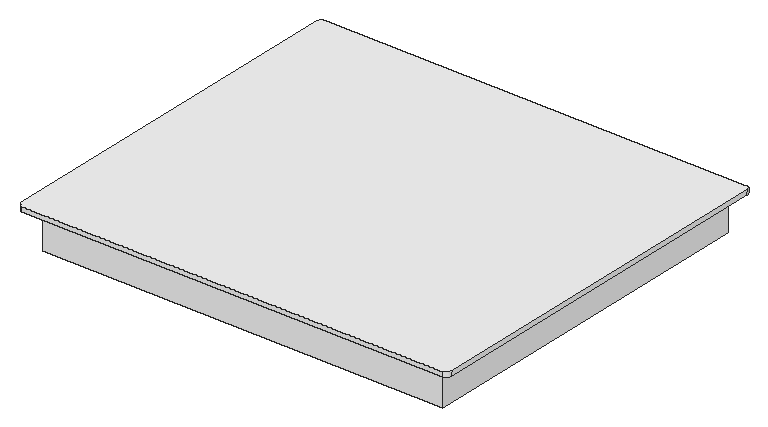
Revit family "Qf_Summit_SINC4B242W_24 inches 208-240V 4-Zone Induction Cooktop", category Specialty Equipment, Revit 2020
Family settings
  Round Connector Dimension = Use Diameter
  Part Type = Normal
  Work Plane-Based = No
  Always vertical = Yes
  Cut with Voids When Loaded = No
  Shared = No
  Room Calculation Point = No
Parameters
  Weight in Pounds = 25
  Watts = FL Amps * Volts  # 7200 W
  Volts = 240 V
  URL Cutsheet = ""
  Specification by User = ""
  Specification by Manufacturer = ""
  Show Clearance [instance] = yes
  Serial Number = ""
  Seismic Rating = ""
  SMACNA No = ""
  Revision Code = ""
  Phase = 1
  Number of Poles = 1
  NAFEM Spec ID Number = ""
  Model = "SINC4B242W"
  Min Ckt Ampacity = 0 A
  Max Overcurrent Protection = 0 A
  Masterspec = ""
  Manufacturer = "Summit"
  Length = 23 1/4"
  Item Number = ""
  Installed By = ""
  Identify Quantity as Lot = yes
  Height = 2"
  HP = ""
  Furnished By = ""
  Foodservice Equipment Identifier = yes
  FL Amps = 30 A
  Electrical Remarks = ""
  Electric Connection Type = ""
  Elec Conn RI Height = 0"
  Elec Conn Connection Height = 0"
  Description = "24\" Wide 208-240V 4-Zone Induction Cooktop"
  Depth = 20 1/2"
  Default Elevation = 0"
  Cycle = 60 Hz
  Conn Plug = ""
  Conn Conduit = yes
  CSI MasterFormat = ""
  Apparent Power = 828 VA
Reference planes (in)
  plane 1: z = 0
  plane 2 "LEFT": x = 0
  plane 3 "RIGHT": x = 23.25
  plane 4 "FRONT": y = -21.25
  plane 5 "TOP": z = 2
  plane 6 "Center Y": x = 11.625
  plane 7 "Center X": y = -11
  plane 8 "BACK": y = -0.75
  plane 9: z = 2.25
  plane 10: x = 22.4375
  plane 11: x = 0.8125
  plane 12: y = -1.3125
  plane 13: y = -20.5625
Forms (in)
  Extrusion 1, solid, material "QF_Plastic_White_Smooth"
    sketch origin (0, 0, 0) x (1, 0, 0) y (0, 1, 0)
      loop
        line (0, -1) -> (0, -20.9375)
        arc (0, -20.9375) -> (0.06782, -21.13949) -> (0.25, -21.25) r 0.31002
        line (0.25, -21.25) -> (23, -21.25)
        arc (23, -21.25) -> (23.18218, -21.13949) -> (23.25, -20.9375) r 0.31002
        line (23.25, -20.9375) -> (23.25, -1)
        arc (23.25, -1) -> (23.17678, -0.82322) -> (23, -0.75) r 0.25
        line (23, -0.75) -> (0.25, -0.75)
        arc (0.25, -0.75) -> (0.07322, -0.82322) -> (0, -1) r 0.25
    from 2 to 2.25
  Extrusion 2, solid, material "QF_Plastic_White_Smooth"
    sketch origin (0, 0, 0) x (1, 0, 0) y (0, 1, 0)
      loop
        line (0.8125, -20.5625) -> (22.4375, -20.5625) -> (22.4375, -1.3125) -> (0.8125, -1.3125) -> (0.8125, -20.5625)
    from 0 to 2
  Extrusion 3, solid, material "QF_Plastic_White_Smooth"
    sketch origin (1.75, -19.5, 18.75) x (1, 0, 0) y (0, 0, 1)
      loop
        circle (9.875, -17.80912) r 0.25
    from -18.75 to -18.1875
Cuts and joins
  joined: Extrusion 2, Extrusion 3
Lines and regions (in)
  Split face 1
    outline origin (0, 0, 2.25) x (1, 0, 0) y (0, 1, 0)
      loop
        circle (6, -13.75) r 4.125
  Split face 2
    outline origin (0, 8.125, 2.25) x (1, 0, 0) y (0, 1, 0)
      loop
        circle (6, -13.375) r 3.125
  Split face 3
    outline origin (0, 0, 2.25) x (1, 0, 0) y (0, 1, 0)
      loop
        arc (1.46084, -1.96656) -> (1.33611, -1.99586) -> (1.21257, -2.02981) r 3.41796
        line (1.21257, -2.02981) -> (1.21257, -2.25177)
        arc (1.21257, -2.25177) -> (1.29303, -2.28553) -> (1.37512, -2.31512) r 1.69989
        arc (1.37512, -2.31512) -> (1.29445, -2.31552) -> (1.21378, -2.31581) r 56.83919
        arc (1.21378, -2.31581) -> (1.21298, -2.38844) -> (1.21297, -2.46107) r 6.69198
        arc (1.21297, -2.46107) -> (1.33682, -2.46166) -> (1.46067, -2.46155) r 22.00507
        arc (1.46067, -2.46155) -> (1.46144, -2.31385) -> (1.46184, -2.16615) r 57.82097
        arc (1.46184, -2.16615) -> (1.38954, -2.16643) -> (1.31724, -2.16748) r 6.80227
        line (1.31724, -2.16748) -> (1.4612, -2.10932)
        arc (1.4612, -2.10932) -> (1.46177, -2.03794) -> (1.46084, -1.96656) r 3.38174
  Split face 4
    outline origin (0.32748, 0.08775, 2.25) x (1, 0, 0) y (0, 1, 0)
      loop
        arc (1.18846, -2.04192) -> (1.18798, -2.29547) -> (1.18731, -2.54902) r 348.03451
        arc (1.18731, -2.54902) -> (1.32534, -2.54998) -> (1.46337, -2.54969) r 15.27091
        line (1.46337, -2.54969) -> (1.4658, -1.97067)
        arc (1.4658, -1.97067) -> (1.40547, -1.98584) -> (1.34531, -2.00167) r 5.81974
        arc (1.34531, -2.00167) -> (1.34563, -2.18382) -> (1.34526, -2.36597) r 48.29112
        arc (1.34526, -2.36597) -> (1.34708, -2.40344) -> (1.32634, -2.43471) r 0.06019
        arc (1.32634, -2.43471) -> (1.30541, -2.40243) -> (1.30885, -2.36411) r 0.05895
        arc (1.30885, -2.36411) -> (1.30626, -2.18761) -> (1.30626, -2.01109) r 11.96546
        arc (1.30626, -2.01109) -> (1.24733, -2.0264) -> (1.18846, -2.04192) r 17.52104
  Split face 5
    outline origin (0.77528, 0.1994, 2.25) x (1, 0, 0) y (0, 1, 0)
      loop
        arc (1.18833, -2.04142) -> (1.13036, -2.0563) -> (1.0723, -2.0708) r 9.01053
        line (1.0723, -2.0708) -> (1.0723, -2.66096) -> (1.17974, -2.66061)
        arc (1.17974, -2.66061) -> (1.17837, -2.58629) -> (1.18321, -2.51211) r 0.88988
        arc (1.18321, -2.51211) -> (1.21323, -2.58427) -> (1.2259, -2.6614) r 0.33829
        arc (1.2259, -2.6614) -> (1.26284, -2.66122) -> (1.29978, -2.66138) r 4.02643
        arc (1.29978, -2.66138) -> (1.3167, -2.56853) -> (1.33483, -2.47591) r 7.17478
        arc (1.33483, -2.47591) -> (1.33803, -2.45649) -> (1.34895, -2.44012) r 0.04662
        arc (1.34895, -2.44012) -> (1.35578, -2.46102) -> (1.35556, -2.48302) r 0.06776
        arc (1.35556, -2.48302) -> (1.35457, -2.57198) -> (1.35415, -2.66094) r 13.87596
        arc (1.35415, -2.66094) -> (1.41012, -2.66109) -> (1.46608, -2.66099) r 12.38941
        line (1.46608, -2.66099) -> (1.46564, -1.97015)
        arc (1.46564, -1.97015) -> (1.40477, -1.98627) -> (1.34356, -2.00105) r 2.87858
        arc (1.34356, -2.00105) -> (1.31608, -2.16273) -> (1.28697, -2.32414) r 16.38927
        arc (1.28697, -2.32414) -> (1.28342, -2.33945) -> (1.27247, -2.35072) r 0.02931
        arc (1.27247, -2.35072) -> (1.25583, -2.32192) -> (1.2494, -2.28929) r 0.10139
        arc (1.2494, -2.28929) -> (1.21856, -2.16543) -> (1.18833, -2.04142) r 25.67724
  Split face 6
    outline origin (1.48385, 0.14123, 2.25) x (1, 0, 0) y (0, 1, 0)
      loop
        line (1.2612, -2.08344) -> (1.2612, -2.60308)
        arc (1.2612, -2.60308) -> (1.32479, -2.60343) -> (1.38839, -2.60265) r 3.58564
        arc (1.38839, -2.60265) -> (1.38863, -2.33138) -> (1.38903, -2.06011) r 432.84498
        arc (1.38903, -2.06011) -> (1.32546, -2.04385) -> (1.26173, -2.02822) r 6.58774
        arc (1.26173, -2.02822) -> (1.26137, -2.05583) -> (1.2612, -2.08344) r 4.03767
  Split face 7
    outline origin (2.02093, 0.14123, 2.25) x (1, 0, 0) y (0, 1, 0)
      loop
        arc (0.90317, -2.07431) -> (0.90314, -2.14037) -> (0.90316, -2.20643) r 108.79921
        line (0.90316, -2.20643) -> (1.02491, -2.23791) -> (1.02559, -2.603) -> (1.15226, -2.60321) -> (1.15226, -2.43703) -> (1.15226, -2.27084) -> (1.27836, -2.30322)
        arc (1.27836, -2.30322) -> (1.2783, -2.23759) -> (1.27838, -2.17195) r 28.91032
        arc (1.27838, -2.17195) -> (1.0906, -2.1238) -> (0.90317, -2.07431) r 27.07386
  Split face 8
    outline origin (0, 0, 2.25) x (1, 0, 0) y (0, 1, 0)
      loop
        circle (6, -5.25) r 3.07495
  Split face 9
    outline origin (-11.5, -7.46819, 2.25) x (1, 0, 0) y (0, 1, 0)
      loop
        circle (17.5, -6.25) r 3.8775
  Split face 10
    outline origin (0, 0, 2.25) x (1, 0, 0) y (0, 1, 0)
      loop
        circle (6, -5.25) r 2.9375
  Split face 11
    outline origin (0, 0, 2.25) x (1, 0, 0) y (0, 1, 0)
      loop
        circle (6, -5.25) r 2.88432
  Split face 12
    outline origin (-11.5, -7.5, 2.25) x (1, 0, 0) y (0, 1, 0)
      loop
        circle (17.5, -6.25) r 4.07036
  Split face 13
    outline origin (-11.5, -7.5, 2.25) x (1, 0, 0) y (0, 1, 0)
      loop
        circle (17.5, -6.25) r 3.81335
  Split face 14
    outline origin (4.61547, 0.7607, 2.25) x (1, 0, 0) y (0, 1, 0)
      loop
        circle (7.5, -19.75) r 0.375
  Split face 15
    outline origin (7.25, 0, 2.25) x (1, 0, 0) y (0, 1, 0)
      loop
        circle (7.5, -19.75) r 0.375
  Split face 16
    outline origin (8.25, 0, 2.25) x (1, 0, 0) y (0, 1, 0)
      loop
        circle (7.5, -19.75) r 0.375
  Split face 17
    outline origin (9.15298, 0, 2.25) x (1, 0, 0) y (0, 1, 0)
      loop
        circle (6.59702, -19.75) r 0.21256
  Split face 18
    outline origin (8.15298, 0, 2.25) x (1, 0, 0) y (0, 1, 0)
      loop
        circle (6.59702, -19.75) r 0.34194
  Split face 19
    outline origin (17.42696, 1.0067, 2.25) x (0, 1, 0) y (-1, 0, 0)
      loop
        circle (-19.85939, 5.45621) r 0.14044
  Split face 20
    outline origin (15.32497, 0.53848, 2.25) x (0, 1, 0) y (-1, 0, 0)
      loop
        line (-20.35095, 5.6138) -> (-20.53848, 5.61575) -> (-20.53848, 1.61575) -> (-20.16348, 1.61575) -> (-20.35095, 5.6138)
  Split face 21
    outline origin (16.78754, 1.0067, 2.25) x (0, 1, 0) y (-1, 0, 0)
      loop
        circle (-19.85987, 4.81773) r 0.13153
  Split face 22
    outline origin (17.04285, 1.28577, 2.25) x (0, 1, 0) y (-1, 0, 0)
      loop
        circle (-20.27405, 4.92738) r 0.36076
  Split face 23
    outline origin (8.10819, 0.8548, 2.25) x (1, 0, 0) y (0, 1, 0)
      loop
        circle (6.64074, -20.60504) r 0.33037
  Split face 24
    outline origin (7.38715, 1.25448, 2.25) x (1, 0, 0) y (0, 1, 0)
      loop
        circle (7.36178, -21.00472) r 0.36442
  Split face 25
    outline origin (9.10819, 0.8548, 2.25) x (1, 0, 0) y (0, 1, 0)
      loop
        circle (6.64074, -20.60504) r 0.23196
  Split face 26
    outline origin (8.38715, 1.25448, 2.25) x (1, 0, 0) y (0, 1, 0)
      loop
        circle (7.36178, -21.00472) r 0.36024
  Split face 27
    outline origin (1, 0, 2.25) x (1, 0, 0) y (0, 1, 0)
      loop
        circle (7.5, -19.75) r 0.375
  Split face 28
    outline origin (1.90298, 0, 2.25) x (1, 0, 0) y (0, 1, 0)
      loop
        circle (6.59702, -19.75) r 0.34194
  Split face 29
    outline origin (1.85819, 0.8548, 2.25) x (1, 0, 0) y (0, 1, 0)
      loop
        circle (6.64074, -20.60504) r 0.33037
  Split face 30
    outline origin (1.13715, 1.25448, 2.25) x (1, 0, 0) y (0, 1, 0)
      loop
        circle (7.36178, -21.00472) r 0.36442
  Split face 31
    outline origin (0, 0, 2.25) x (1, 0, 0) y (0, 1, 0)
      loop
        circle (7.5, -19.75) r 0.375
  Split face 32
    outline origin (0.90298, 0, 2.25) x (1, 0, 0) y (0, 1, 0)
      loop
        circle (6.59702, -19.75) r 0.34194
  Split face 33
    outline origin (0.85819, 0.8548, 2.25) x (1, 0, 0) y (0, 1, 0)
      loop
        circle (6.64074, -20.60504) r 0.33037
  Split face 34
    outline origin (0.13715, 1.25448, 2.25) x (1, 0, 0) y (0, 1, 0)
      loop
        circle (7.36178, -21.00472) r 0.36442
  Split face 35
    outline origin (4.61547, 1.7607, 2.25) x (1, 0, 0) y (0, 1, 0)
      loop
        circle (7.5, -19.75) r 0.375
  Split face 36
    outline origin (17.42696, 2.0067, 2.25) x (0, 1, 0) y (-1, 0, 0)
      loop
        circle (-19.85939, 5.45621) r 0.14044
  Split face 37
    outline origin (16.78754, 2.0067, 2.25) x (0, 1, 0) y (-1, 0, 0)
      loop
        circle (-19.85987, 4.81773) r 0.13153
  Split face 38
    outline origin (17.04285, 2.28577, 2.25) x (0, 1, 0) y (-1, 0, 0)
      loop
        circle (-20.27405, 4.92738) r 0.36076
  Split face 39
    outline origin (0, 0, 2.25) x (1, 0, 0) y (0, 1, 0)
      loop
        arc (2.50599, -2.15847) -> (2.48639, -2.13546) -> (2.49149, -2.10566) r 0.03566
        arc (2.49149, -2.10566) -> (2.46294, -1.9539) -> (2.43588, -1.80187) r 15.64881
        arc (2.43588, -1.80187) -> (2.37418, -1.78699) -> (2.31283, -1.77076) r 2.87858
        line (2.31283, -1.77076) -> (2.31239, -2.46159)
        arc (2.31239, -2.46159) -> (2.36835, -2.4617) -> (2.42431, -2.46154) r 12.38941
        arc (2.42431, -2.46154) -> (2.4239, -2.37258) -> (2.42291, -2.28362) r 13.87596
        arc (2.42291, -2.28362) -> (2.42269, -2.26163) -> (2.42952, -2.24072) r 0.06776
        arc (2.42952, -2.24072) -> (2.44044, -2.25709) -> (2.44364, -2.27651) r 0.04662
        arc (2.44364, -2.27651) -> (2.46177, -2.36913) -> (2.47868, -2.46198) r 7.17478
        arc (2.47868, -2.46198) -> (2.51563, -2.46182) -> (2.55257, -2.462) r 4.02643
        arc (2.55257, -2.462) -> (2.56523, -2.38488) -> (2.59526, -2.31271) r 0.33829
        arc (2.59526, -2.31271) -> (2.6001, -2.38689) -> (2.59873, -2.46121) r 0.88988
        line (2.59873, -2.46121) -> (2.70617, -2.46156) -> (2.70617, -1.8714)
        arc (2.70617, -1.8714) -> (2.65053, -1.85752) -> (2.59497, -1.84328) r 9.01053
        arc (2.59497, -1.84328) -> (2.56239, -1.98083) -> (2.52906, -2.1182) r 26.41193
        arc (2.52906, -2.1182) -> (2.51976, -2.13961) -> (2.50599, -2.15847) r 0.10607
  Split face 40
    outline origin (11.5, 7.46819, 2.25) x (1, 0, 0) y (0, 1, 0)
      loop
        circle (6.75, -13.75) r 4.125
  Split face 41
    outline origin (11.5, -1.375, 2.25) x (1, 0, 0) y (0, 1, 0)
      loop
        circle (6.75, -13.375) r 3.125
  Split face 42
    outline origin (11.5, -9.5, 2.25) x (1, 0, 0) y (0, 1, 0)
      loop
        circle (6.75, -5.25) r 2.88432
  Split face 43
    outline origin (0, 0, 2.25) x (1, 0, 0) y (0, 1, 0)
      loop
        circle (18.25, -6.25) r 4.07036
  Split face 44
    outline origin (11.5, -9.5, 2.25) x (1, 0, 0) y (0, 1, 0)
      loop
        circle (6.75, -5.25) r 3.07495
  Split face 45
    outline origin (11.5, -9.5, 2.25) x (1, 0, 0) y (0, 1, 0)
      loop
        circle (6.75, -5.25) r 2.9375
  Split face 46
    outline origin (0, 0, 2.25) x (1, 0, 0) y (0, 1, 0)
      loop
        circle (18.25, -6.25) r 3.81335
  Split face 47
    outline origin (0, 0.03181, 2.25) x (1, 0, 0) y (0, 1, 0)
      loop
        circle (18.25, -6.25) r 3.8775
  Split face 48
    outline origin (3.74359, 0.7607, 2.25) x (1, 0, 0) y (0, 1, 0)
      loop
        circle (7.5, -19.75) r 0.375
  Split face 49
    outline origin (16.55508, 1.0067, 2.25) x (0, 1, 0) y (-1, 0, 0)
      loop
        circle (-19.85939, 5.45621) r 0.14044
  Split face 50
    outline origin (15.91566, 1.0067, 2.25) x (0, 1, 0) y (-1, 0, 0)
      loop
        circle (-19.85987, 4.81773) r 0.13153
  Split face 51
    outline origin (16.17097, 1.28577, 2.25) x (0, 1, 0) y (-1, 0, 0)
      loop
        circle (-20.27405, 4.92738) r 0.36076
  Split face 52
    outline origin (3.74359, 1.7607, 2.25) x (1, 0, 0) y (0, 1, 0)
      loop
        circle (7.5, -19.75) r 0.375
  Split face 53
    outline origin (16.55508, 2.0067, 2.25) x (0, 1, 0) y (-1, 0, 0)
      loop
        circle (-19.85939, 5.45621) r 0.14044
  Split face 54
    outline origin (15.91566, 2.0067, 2.25) x (0, 1, 0) y (-1, 0, 0)
      loop
        circle (-19.85987, 4.81773) r 0.13153
  Split face 55
    outline origin (16.17097, 2.28577, 2.25) x (0, 1, 0) y (-1, 0, 0)
      loop
        circle (-20.27405, 4.92738) r 0.36076
  symbolic lines
    curve 1: line (23, -0.75, 0) -> (0.25, -0.75, 0)
    curve 2: arc (0.25, -0.75, 0) -> (0.07322, -0.82322, 0) -> (0, -1, 0) r 0.25
    curve 3: line (0, -1, 0) -> (0, -20.9375, 0)
    curve 4: line (0.25, -21.25, 0) -> (23, -21.25, 0)
    curve 5: arc (23, -21.25, 0) -> (23.18218, -21.13949, 0) -> (23.25, -20.9375, 0) r 0.31002
    curve 6: line (23.25, -20.9375, 0) -> (23.25, -1, 0)
    curve 7: arc (1.37512, -2.31512, 0) -> (1.29445, -2.31552, 0) -> (1.21378, -2.31581, 0) r 56.83919
    curve 8: arc (1.21378, -2.31581, 0) -> (1.21298, -2.38844, 0) -> (1.21297, -2.46107, 0) r 6.69198
    curve 9: arc (1.21297, -2.46107, 0) -> (1.33682, -2.46166, 0) -> (1.46067, -2.46155, 0) r 22.00507
    curve 10: arc (1.46067, -2.46155, 0) -> (1.46144, -2.31385, 0) -> (1.46184, -2.16615, 0) r 57.82097
    curve 11: arc (1.46184, -2.16615, 0) -> (1.38954, -2.16643, 0) -> (1.31724, -2.16748, 0) r 6.80227
    curve 12: line (1.31724, -2.16748, 0) -> (1.4612, -2.10932, 0)
    curve 13: arc (1.4612, -2.10932, 0) -> (1.46177, -2.03794, 0) -> (1.46084, -1.96656, 0) r 3.38174
    curve 14: arc (1.46084, -1.96656, 0) -> (1.33611, -1.99586, 0) -> (1.21257, -2.02981, 0) r 3.41796
    curve 15: line (1.21257, -2.02981, 0) -> (1.21257, -2.25177, 0)
    curve 16: arc (1.21257, -2.25177, 0) -> (1.29303, -2.28553, 0) -> (1.37512, -2.31512, 0) r 1.69989
    curve 17: arc (1.51594, -1.95417, 0) -> (1.51546, -2.20772, 0) -> (1.51479, -2.46127, 0) r 348.03451
    curve 18: arc (1.51479, -2.46127, 0) -> (1.65282, -2.46223, 0) -> (1.79085, -2.46194, 0) r 15.27091
    curve 19: line (1.79085, -2.46194, 0) -> (1.79328, -1.88292, 0)
    curve 20: arc (1.79328, -1.88292, 0) -> (1.73297, -1.89809, 0) -> (1.67283, -1.91391, 0) r 5.81974
    curve 21: arc (1.67283, -1.91391, 0) -> (1.67315, -2.1005, 0) -> (1.67274, -2.2871, 0) r 48.29115
    curve 22: arc (1.67274, -2.2871, 0) -> (1.67117, -2.31801, 0) -> (1.65382, -2.34364, 0) r 0.05762
    curve 23: arc (1.65382, -2.34364, 0) -> (1.63599, -2.31628, 0) -> (1.63633, -2.28362, 0) r 0.05637
    curve 24: arc (1.63633, -2.28362, 0) -> (1.63376, -2.10349, 0) -> (1.63374, -1.92334, 0) r 12.71544
    curve 25: arc (1.63374, -1.92334, 0) -> (1.57481, -1.93866, 0) -> (1.51594, -1.95417, 0) r 17.52104
    curve 26: line (1.84758, -1.8714, 0) -> (1.84758, -2.46156, 0)
    curve 27: line (1.84758, -2.46156, 0) -> (1.95502, -2.46121, 0)
    curve 28: arc (1.95502, -2.46121, 0) -> (1.95365, -2.38689, 0) -> (1.95849, -2.31271, 0) r 0.88988
    curve 29: arc (1.95849, -2.31271, 0) -> (1.98852, -2.38488, 0) -> (2.00118, -2.462, 0) r 0.33829
    curve 30: arc (2.00118, -2.462, 0) -> (2.03812, -2.46182, 0) -> (2.07507, -2.46198, 0) r 4.02643
    curve 31: arc (2.07507, -2.46198, 0) -> (2.09198, -2.36913, 0) -> (2.11011, -2.27651, 0) r 7.17478
    curve 32: arc (2.11011, -2.27651, 0) -> (2.11331, -2.25709, 0) -> (2.12423, -2.24072, 0) r 0.04662
    curve 33: arc (2.12423, -2.24072, 0) -> (2.13106, -2.26163, 0) -> (2.13084, -2.28362, 0) r 0.06776
    curve 34: arc (2.13084, -2.28362, 0) -> (2.12985, -2.37258, 0) -> (2.12944, -2.46154, 0) r 13.87596
    curve 35: arc (2.12944, -2.46154, 0) -> (2.1854, -2.4617, 0) -> (2.24136, -2.46159, 0) r 12.38941
    curve 36: line (2.24136, -2.46159, 0) -> (2.24092, -1.77076, 0)
    curve 37: arc (2.24092, -1.77076, 0) -> (2.18005, -1.78687, 0) -> (2.11884, -1.80165, 0) r 2.87858
    curve 38: arc (2.11884, -1.80165, 0) -> (2.09136, -1.96334, 0) -> (2.06226, -2.12474, 0) r 16.38927
    curve 39: arc (2.06226, -2.12474, 0) -> (2.05871, -2.14005, 0) -> (2.04776, -2.15132, 0) r 0.02931
    curve 40: arc (2.04776, -2.15132, 0) -> (2.03111, -2.12252, 0) -> (2.02469, -2.08989, 0) r 0.10139
    curve 41: arc (2.02469, -2.08989, 0) -> (1.99384, -1.96603, 0) -> (1.96361, -1.84202, 0) r 25.67724
    curve 42: arc (1.96361, -1.84202, 0) -> (1.90565, -1.8569, 0) -> (1.84758, -1.8714, 0) r 9.01053
    curve 43: line (2.74505, -1.94221, 0) -> (2.74505, -2.46185, 0)
    curve 44: arc (2.74505, -2.46185, 0) -> (2.80864, -2.46219, 0) -> (2.87224, -2.46142, 0) r 3.58564
    curve 45: arc (2.87224, -2.46142, 0) -> (2.87248, -2.19014, 0) -> (2.87289, -1.91887, 0) r 432.84498
    curve 46: arc (2.87289, -1.91887, 0) -> (2.80931, -1.90261, 0) -> (2.74558, -1.88699, 0) r 6.58774
    curve 47: arc (2.74558, -1.88699, 0) -> (2.74522, -1.9146, 0) -> (2.74505, -1.94221, 0) r 4.03767
    curve 48: line (3.04651, -2.46177, 0) -> (3.04584, -2.09667, 0)
    curve 49: line (3.04584, -2.09667, 0) -> (2.92408, -2.06519, 0)
    curve 50: arc (2.92408, -2.06519, 0) -> (2.92407, -1.99914, 0) -> (2.9241, -1.93308, 0) r 108.79921
    curve 51: arc (2.9241, -1.93308, 0) -> (3.11153, -1.98257, 0) -> (3.29931, -2.03072, 0) r 27.07386
    curve 52: arc (3.29931, -2.03072, 0) -> (3.29922, -2.09635, 0) -> (3.29929, -2.16199, 0) r 28.91032
    curve 53: line (3.29929, -2.16199, 0) -> (3.17319, -2.12961, 0)
    curve 54: line (3.17319, -2.12961, 0) -> (3.17319, -2.29579, 0)
    curve 55: line (3.17319, -2.29579, 0) -> (3.17319, -2.46198, 0)
    curve 56: line (3.17319, -2.46198, 0) -> (3.04651, -2.46177, 0)
    curve 57: line (2.70617, -1.8714, 0) -> (2.70617, -2.46156, 0)
    curve 58: line (2.70617, -2.46156, 0) -> (2.59873, -2.46121, 0)
    curve 59: arc (2.59873, -2.46121, 0) -> (2.6001, -2.38689, 0) -> (2.59526, -2.31271, 0) r 0.88988
    curve 60: arc (2.59526, -2.31271, 0) -> (2.56523, -2.38488, 0) -> (2.55257, -2.462, 0) r 0.33829
    curve 61: arc (2.55257, -2.462, 0) -> (2.51563, -2.46182, 0) -> (2.47868, -2.46198, 0) r 4.02643
    curve 62: arc (2.47868, -2.46198, 0) -> (2.46177, -2.36913, 0) -> (2.44364, -2.27651, 0) r 7.17478
    curve 63: arc (2.44364, -2.27651, 0) -> (2.44044, -2.25709, 0) -> (2.42952, -2.24072, 0) r 0.04662
    curve 64: arc (2.42952, -2.24072, 0) -> (2.42267, -2.26174, 0) -> (2.42295, -2.28385, 0) r 0.06776
    curve 65: arc (2.42295, -2.28385, 0) -> (2.42391, -2.37269, 0) -> (2.42431, -2.46154, 0) r 14.25096
    curve 66: arc (2.42431, -2.46154, 0) -> (2.36835, -2.4617, 0) -> (2.31239, -2.46159, 0) r 12.38941
    curve 67: line (2.31239, -2.46159, 0) -> (2.31283, -1.77076, 0)
    curve 68: arc (2.31283, -1.77076, 0) -> (2.37418, -1.78699, 0) -> (2.43588, -1.80187, 0) r 2.87858
    curve 69: arc (2.43588, -1.80187, 0) -> (2.4629, -1.96091, 0) -> (2.49149, -2.11967, 0) r 16.38835
    curve 70: arc (2.49149, -2.11967, 0) -> (2.49343, -2.13825, 0) -> (2.50599, -2.15207, 0) r 0.02996
    curve 71: arc (2.50599, -2.15207, 0) -> (2.52163, -2.12636, 0) -> (2.52906, -2.09719, 0) r 0.10187
    curve 72: arc (2.52906, -2.09719, 0) -> (2.55992, -1.96968, 0) -> (2.59014, -1.84202, 0) r 26.40693
    curve 73: arc (2.59014, -1.84202, 0) -> (2.6481, -1.8569, 0) -> (2.70617, -1.8714, 0) r 9.01053
    curve 74: arc (8.9375, -5.25, 0) -> (6, -2.3125, 0) -> (3.0625, -5.25, 0) r 2.9375
    curve 75: arc (3.0625, -5.25, 0) -> (6, -8.1875, 0) -> (8.9375, -5.25, 0) r 2.9375
    curve 76: arc (8.88432, -5.25, 0) -> (6, -2.36568, 0) -> (3.11568, -5.25, 0) r 2.88432
    curve 77: arc (3.11568, -5.25, 0) -> (6, -8.13432, 0) -> (8.88432, -5.25, 0) r 2.88432
    curve 78: arc (9.125, -5.25, 0) -> (6, -2.125, 0) -> (2.875, -5.25, 0) r 3.125
    curve 79: arc (2.875, -5.25, 0) -> (6, -8.375, 0) -> (9.125, -5.25, 0) r 3.125
    curve 80: arc (9.07495, -5.25, 0) -> (6, -2.17505, 0) -> (2.92505, -5.25, 0) r 3.07495
    curve 81: arc (2.92505, -5.25, 0) -> (6, -8.32495, 0) -> (9.07495, -5.25, 0) r 3.07495
    curve 82: arc (9.81335, -13.75, 0) -> (6, -9.93665, 0) -> (2.18665, -13.75, 0) r 3.81335
    curve 83: arc (2.18665, -13.75, 0) -> (6, -17.56335, 0) -> (9.81335, -13.75, 0) r 3.81335
    curve 84: arc (9.8775, -13.71819, 0) -> (6, -17.59569, 0) -> (2.1225, -13.71819, 0) r 3.8775
    curve 85: arc (2.1225, -13.71819, 0) -> (6, -9.84069, 0) -> (9.8775, -13.71819, 0) r 3.8775
    curve 86: arc (1.875, -13.75, 0) -> (6, -17.875, 0) -> (10.125, -13.75, 0) r 4.125
    curve 87: arc (10.125, -13.75, 0) -> (6, -9.625, 0) -> (1.875, -13.75, 0) r 4.125
    curve 88: arc (1.92964, -13.75, 0) -> (6, -17.82036, 0) -> (10.07036, -13.75, 0) r 4.07036
    curve 89: arc (10.07036, -13.75, 0) -> (6, -9.67964, 0) -> (1.92964, -13.75, 0) r 4.07036
    curve 90: line (9.71117, -19.81247, 0) -> (13.70922, -19.625, 0)
    curve 91: line (13.70922, -19.625, 0) -> (13.70922, -20, 0)
    curve 92: line (13.70922, -20, 0) -> (9.70922, -20, 0)
    curve 93: line (9.70922, -20, 0) -> (9.71117, -19.81247, 0)
    curve 94: arc (7.86334, -19.75024, 0) -> (7.49893, -19.38582, 0) -> (7.13451, -19.75024, 0) r 0.36442
    curve 95: arc (7.13451, -19.75024, 0) -> (7.49893, -20.11466, 0) -> (7.86334, -19.75024, 0) r 0.36442
    curve 96: arc (7.15806, -19.75, 0) -> (7.5, -19.40806, 0) -> (7.84194, -19.75, 0) r 0.34194
    curve 97: arc (7.84194, -19.75, 0) -> (7.5, -20.09194, 0) -> (7.15806, -19.75, 0) r 0.34194
    curve 98: arc (7.8293, -19.75024, 0) -> (7.49893, -19.41987, 0) -> (7.16856, -19.75024, 0) r 0.33037
    curve 99: arc (7.16856, -19.75024, 0) -> (7.49893, -20.08061, 0) -> (7.8293, -19.75024, 0) r 0.33037
    curve 100: arc (7.125, -19.75, 0) -> (7.5, -19.375, 0) -> (7.875, -19.75, 0) r 0.375
    curve 101: arc (7.875, -19.75, 0) -> (7.5, -20.125, 0) -> (7.125, -19.75, 0) r 0.375
    curve 102: arc (8.125, -19.75, 0) -> (8.5, -19.375, 0) -> (8.875, -19.75, 0) r 0.375
    curve 103: arc (8.875, -19.75, 0) -> (8.5, -20.125, 0) -> (8.125, -19.75, 0) r 0.375
    curve 104: arc (8.86334, -19.75024, 0) -> (8.49893, -19.38582, 0) -> (8.13451, -19.75024, 0) r 0.36442
    curve 105: arc (8.13451, -19.75024, 0) -> (8.49893, -20.11466, 0) -> (8.86334, -19.75024, 0) r 0.36442
    curve 106: arc (8.84194, -19.75, 0) -> (8.5, -19.40806, 0) -> (8.15806, -19.75, 0) r 0.34194
    curve 107: arc (8.15806, -19.75, 0) -> (8.5, -20.09194, 0) -> (8.84194, -19.75, 0) r 0.34194
    curve 108: arc (8.8293, -19.75024, 0) -> (8.49893, -19.41987, 0) -> (8.16856, -19.75024, 0) r 0.33037
    curve 109: arc (8.16856, -19.75024, 0) -> (8.49893, -20.08061, 0) -> (8.8293, -19.75024, 0) r 0.33037
    curve 110: arc (23.25, -1, 0) -> (23.17678, -0.82322, 0) -> (23, -0.75, 0) r 0.25
    curve 111: arc (22.32036, -6.25, 0) -> (18.25, -2.17964, 0) -> (14.17964, -6.25, 0) r 4.07036
    curve 112: arc (14.17964, -6.25, 0) -> (18.25, -10.32036, 0) -> (22.32036, -6.25, 0) r 4.07036
    curve 113: arc (14.125, -6.28181, 0) -> (18.25, -2.15681, 0) -> (22.375, -6.28181, 0) r 4.125
    curve 114: arc (22.375, -6.28181, 0) -> (18.25, -10.40681, 0) -> (14.125, -6.28181, 0) r 4.125
    curve 115: arc (22.1275, -6.21819, 0) -> (18.25, -2.34069, 0) -> (14.3725, -6.21819, 0) r 3.8775
    curve 116: arc (14.3725, -6.21819, 0) -> (18.25, -10.09569, 0) -> (22.1275, -6.21819, 0) r 3.8775
    curve 117: arc (14.43665, -6.25, 0) -> (18.25, -10.06335, 0) -> (22.06335, -6.25, 0) r 3.81335
    curve 118: arc (22.06335, -6.25, 0) -> (18.25, -2.43665, 0) -> (14.43665, -6.25, 0) r 3.81335
    curve 119: arc (21.375, -14.75, 0) -> (18.25, -11.625, 0) -> (15.125, -14.75, 0) r 3.125
    curve 120: arc (15.125, -14.75, 0) -> (18.25, -17.875, 0) -> (21.375, -14.75, 0) r 3.125
    curve 121: arc (21.32495, -14.75, 0) -> (18.25, -11.67505, 0) -> (15.17505, -14.75, 0) r 3.07495
    curve 122: arc (15.17505, -14.75, 0) -> (18.25, -17.82495, 0) -> (21.32495, -14.75, 0) r 3.07495
    curve 123: arc (15.36568, -14.75, 0) -> (18.25, -11.86568, 0) -> (21.13432, -14.75, 0) r 2.88432
    curve 124: arc (21.13432, -14.75, 0) -> (18.25, -17.63432, 0) -> (15.36568, -14.75, 0) r 2.88432
    curve 125: arc (15.3125, -14.75, 0) -> (18.25, -11.8125, 0) -> (21.1875, -14.75, 0) r 2.9375
    curve 126: arc (21.1875, -14.75, 0) -> (18.25, -17.6875, 0) -> (15.3125, -14.75, 0) r 2.9375
    curve 127: arc (11.09887, -18.71225, 0) -> (11.23931, -18.8527, 0) -> (11.09887, -18.99314, 0) r 0.14044
    curve 128: arc (11.09887, -18.99314, 0) -> (10.95842, -18.8527, 0) -> (11.09887, -18.71225, 0) r 0.14044
    curve 129: arc (11.09793, -18.98471, 0) -> (11.22946, -18.85317, 0) -> (11.09793, -18.72164, 0) r 0.13153
    curve 130: arc (11.09793, -18.72164, 0) -> (10.96639, -18.85317, 0) -> (11.09793, -18.98471, 0) r 0.13153
    curve 131: arc (11.24359, -19.34904, 0) -> (10.88283, -18.98828, 0) -> (11.24359, -18.62752, 0) r 0.36076
    curve 132: arc (11.24359, -18.62752, 0) -> (11.60435, -18.98828, 0) -> (11.24359, -19.34904, 0) r 0.36076
    curve 133: arc (10.86859, -18.9893, 0) -> (11.24359, -18.6143, 0) -> (11.61859, -18.9893, 0) r 0.375
    curve 134: arc (11.61859, -18.9893, 0) -> (11.24359, -19.3643, 0) -> (10.86859, -18.9893, 0) r 0.375
    curve 135: arc (11.97075, -18.99314, 0) -> (11.8303, -18.8527, 0) -> (11.97075, -18.71225, 0) r 0.14044
    curve 136: arc (11.97075, -18.71225, 0) -> (12.11119, -18.8527, 0) -> (11.97075, -18.99314, 0) r 0.14044
    curve 137: arc (11.96981, -18.72164, 0) -> (11.83827, -18.85317, 0) -> (11.96981, -18.98471, 0) r 0.13153
    curve 138: arc (11.96981, -18.98471, 0) -> (12.10134, -18.85317, 0) -> (11.96981, -18.72164, 0) r 0.13153
    curve 139: arc (12.11547, -18.62752, 0) -> (11.75471, -18.98828, 0) -> (12.11547, -19.34904, 0) r 0.36076
    curve 140: arc (12.49047, -18.9893, 0) -> (12.11547, -18.6143, 0) -> (11.74047, -18.9893, 0) r 0.375
    curve 141: arc (12.11547, -19.34904, 0) -> (12.47623, -18.98828, 0) -> (12.11547, -18.62752, 0) r 0.36076
    curve 142: arc (11.74047, -18.9893, 0) -> (12.11547, -19.3643, 0) -> (12.49047, -18.9893, 0) r 0.375
    curve 143: arc (11.97075, -17.99314, 0) -> (11.8303, -17.8527, 0) -> (11.97075, -17.71225, 0) r 0.14044
    curve 144: arc (11.97075, -17.71225, 0) -> (12.11119, -17.8527, 0) -> (11.97075, -17.99314, 0) r 0.14044
    curve 145: arc (11.96981, -17.72164, 0) -> (11.83827, -17.85317, 0) -> (11.96981, -17.98471, 0) r 0.13153
    curve 146: arc (11.96981, -17.98471, 0) -> (12.10134, -17.85317, 0) -> (11.96981, -17.72164, 0) r 0.13153
    curve 147: arc (12.11547, -17.62752, 0) -> (11.75471, -17.98828, 0) -> (12.11547, -18.34904, 0) r 0.36076
    curve 148: arc (12.11547, -18.34904, 0) -> (12.47623, -17.98828, 0) -> (12.11547, -17.62752, 0) r 0.36076
    curve 149: arc (11.74047, -17.9893, 0) -> (12.11547, -17.6143, 0) -> (12.49047, -17.9893, 0) r 0.375
    curve 150: arc (12.49047, -17.9893, 0) -> (12.11547, -18.3643, 0) -> (11.74047, -17.9893, 0) r 0.375
    curve 151: arc (11.24359, -18.34904, 0) -> (11.60435, -17.98828, 0) -> (11.24359, -17.62752, 0) r 0.36076
    curve 152: arc (11.24359, -17.62752, 0) -> (10.88283, -17.98828, 0) -> (11.24359, -18.34904, 0) r 0.36076
    curve 153: arc (11.61859, -17.9893, 0) -> (11.24359, -18.3643, 0) -> (10.86859, -17.9893, 0) r 0.375
    curve 154: arc (10.86859, -17.9893, 0) -> (11.24359, -17.6143, 0) -> (11.61859, -17.9893, 0) r 0.375
    curve 155: arc (11.09793, -17.98471, 0) -> (11.22946, -17.85317, 0) -> (11.09793, -17.72164, 0) r 0.13153
    curve 156: arc (11.09793, -17.72164, 0) -> (10.96639, -17.85317, 0) -> (11.09793, -17.98471, 0) r 0.13153
    curve 157: arc (11.09887, -17.71225, 0) -> (11.23931, -17.8527, 0) -> (11.09887, -17.99314, 0) r 0.14044
    curve 158: arc (11.09887, -17.99314, 0) -> (10.95842, -17.8527, 0) -> (11.09887, -17.71225, 0) r 0.14044
    curve 159: arc (14.375, -19.75, 0) -> (14.75, -19.375, 0) -> (15.125, -19.75, 0) r 0.375
    curve 160: arc (15.125, -19.75, 0) -> (14.75, -20.125, 0) -> (14.375, -19.75, 0) r 0.375
    curve 161: arc (14.38451, -19.75024, 0) -> (14.74893, -20.11466, 0) -> (15.11334, -19.75024, 0) r 0.36442
    curve 162: arc (15.11334, -19.75024, 0) -> (14.74893, -19.38582, 0) -> (14.38451, -19.75024, 0) r 0.36442
    curve 163: arc (14.40806, -19.75, 0) -> (14.75, -20.09194, 0) -> (15.09194, -19.75, 0) r 0.34194
    curve 164: arc (15.09194, -19.75, 0) -> (14.75, -19.40806, 0) -> (14.40806, -19.75, 0) r 0.34194
    curve 165: arc (14.41856, -19.75024, 0) -> (14.74893, -20.08061, 0) -> (15.0793, -19.75024, 0) r 0.33037
    curve 166: arc (15.0793, -19.75024, 0) -> (14.74893, -19.41987, 0) -> (14.41856, -19.75024, 0) r 0.33037
    curve 167: arc (15.375, -19.75, 0) -> (15.75, -20.125, 0) -> (16.125, -19.75, 0) r 0.375
    curve 168: arc (16.125, -19.75, 0) -> (15.75, -19.375, 0) -> (15.375, -19.75, 0) r 0.375
    curve 169: arc (15.38869, -19.75024, 0) -> (15.74893, -20.11048, 0) -> (16.10917, -19.75024, 0) r 0.36024
    curve 170: arc (16.10917, -19.75024, 0) -> (15.74893, -19.39, 0) -> (15.38869, -19.75024, 0) r 0.36024
    curve 171: arc (15.98089, -19.75024, 0) -> (15.74893, -19.9822, 0) -> (15.51697, -19.75024, 0) r 0.23196
    curve 172: arc (15.51697, -19.75024, 0) -> (15.74893, -19.51828, 0) -> (15.98089, -19.75024, 0) r 0.23196
    curve 173: arc (15.53744, -19.75, 0) -> (15.75, -19.96256, 0) -> (15.96256, -19.75, 0) r 0.21256
    curve 174: arc (15.96256, -19.75, 0) -> (15.75, -19.53744, 0) -> (15.53744, -19.75, 0) r 0.21256
Dimensions and locks (in)
  equal spacing: plane 2 "LEFT", plane 6 "Center Y", plane 3 "RIGHT"
  "Length": plane 2 "LEFT" to plane 3 "RIGHT"
  equal spacing: plane 4 "FRONT", plane 7 "Center X", plane 8 "BACK"
  "Height": plane 5 "TOP" to level
  plane 5 "TOP" to level = 2"
  "Depth": plane 4 "FRONT" to plane 8 "BACK"
  plane 9 to plane 5 "TOP" = 1/4"
  plane 10 to plane 11 = 21 5/8"
  plane 3 "RIGHT" to plane 2 "LEFT" = 23 1/4"
  plane 11 to plane 2 "LEFT" = 13/16"
  plane 10 to plane 3 "RIGHT" = 13/16"
  plane 12 to plane 13 = 19 1/4"
  aligned and locked: level to plane 1
  aligned and locked: plane 5 "TOP" to Extrusion 2
  aligned and locked: Extrusion 1 to plane 5 "TOP"
  aligned and locked: plane 9 to Extrusion 1
  aligned and locked: Extrusion 3 to plane 8 "BACK"
  aligned and locked: plane 12 to Extrusion 3
Automatic sketch dimensions
  curve 74 to curve 76 = 0"  (x2)
  curve 74 to curve 80 = 0"  (x2)
  curve 78 to curve 81 = 0"
  curve 79 to curve 81 = 0"
  curve 82 to curve 87 = 0"
  curve 82 to curve 88 = 0"
  curve 83 to curve 89 = 0"
  curve 86 to curve 88 = 0"
  curve 95 to curve 99 = 0"  (x2)
  curve 96 to curve 100 = 0"  (x2)
  curve 102 to curve 107 = 0"  (x2)
  curve 105 to curve 109 = 0"  (x2)
  curve 3 to plane 2 "LEFT" = 0"
  plane 4 "FRONT" to curve 4 = 0"
  curve 6 to plane 3 "RIGHT" = 0"
  plane 8 "BACK" to curve 110 = 0"
  curve 42 to plane 2 "LEFT" = 0.30619"
  curve 13 to plane 2 "LEFT" = 1.91995"
  curve 62 to curve 13 = 2.66829"
  plane 12 to curve 65 = 1.16934"
  curve 65 to curve 62 = 7.23839"
  curve 38 to plane 8 "BACK" = 1.61395"
  curve 38 to curve 65 = 2.22557"
  curve 72 to curve 38 = 9.06949"
  plane 12 to curve 21 = 0.77693"
  curve 21 to curve 72 = 23.49631"
  plane 12 to curve 10 = 0.77117"
  curve 10 to curve 21 = 9.74106"
  plane 12 to curve 17 = 0.10773"
  curve 17 to curve 10 = 290.1591"
  plane 2 "LEFT" to curve 1 = 1/4"
  plane 11 to curve 7 = 0.23761"
  plane 11 to curve 46 = 0.3963"
  plane 11 to curve 15 = 0.40007"
  curve 15 to curve 12 = 0.10467"
  plane 11 to curve 9 = 0.56689"
  plane 11 to curve 11 = 0.63964"
  curve 11 to curve 12 = 0.14396"
  plane 11 to curve 37 = 0.66139"
  curve 13 to curve 22 = 0.15532"
  curve 22 to curve 29 = 0.04674"
  plane 11 to curve 18 = 0.87726"
  curve 22 to curve 23 = 0.07359"
  curve 29 to curve 59 = 0.04719"
  curve 59 to curve 19 = 0.08039"
  curve 12 to curve 19 = 0.33208"
  curve 19 to curve 26 = 0.05431"
  curve 16 to plane 8 "BACK" = 0.04835"
  plane 11 to curve 16 = 1.09776"
  curve 26 to curve 27 = 0.10744"
  curve 42 to curve 39 = 0.18539"
  plane 11 to curve 30 = 1.22699"
  curve 39 to curve 33 = 0.03112"
  curve 39 to curve 40 = 0.09305"
  curve 33 to curve 32 = 0.09258"
  curve 30 to curve 14 = 0.14048"
  plane 11 to curve 35 = 1.37854"
  plane 12 to curve 36 = 0.45826"
  curve 40 to curve 36 = 0.11489"
  curve 32 to curve 36 = 0.08469"
  curve 35 to curve 67 = 0.07103"
  plane 12 to curve 67 = 0.45826"
  curve 36 to curve 67 = 0.07191"
  curve 35 to curve 66 = 0.17166"
  curve 66 to curve 63 = 0.08469"
  curve 63 to curve 71 = 0.03064"
  curve 63 to curve 64 = 0.09258"
  curve 30 to curve 61 = 0.47477"
  curve 71 to curve 70 = 0.09305"
  plane 12 to curve 58 = 1.14871"
  curve 64 to curve 58 = 0.10907"
  curve 70 to curve 57 = 0.18539"
  curve 73 to curve 43 = 0.03888"
  curve 37 to curve 44 = 1.32267"
  curve 43 to curve 28 = 0.09825"
  curve 28 to curve 60 = 0.04719"
  plane 12 to curve 49 = 0.75269"
  curve 43 to curve 49 = 0.17904"
  plane 12 to curve 48 = 0.78417"
  curve 49 to curve 48 = 0.12176"
  curve 60 to curve 56 = 0.15603"
  curve 44 to curve 68 = 0.2833"
  curve 48 to curve 54 = 0.12735"
  curve 61 to curve 20 = 0.66893"
  plane 12 to curve 53 = 0.84949"
  curve 53 to curve 53 = 0.12609"
  curve 66 to curve 73 = 2.49723"
  plane 11 to curve 86 = 5 3/16"
  curve 84 to curve 83 = 0"
  curve 20 to curve 74 = 2.81681"
  plane 13 to curve 25 = 1.6737"
  curve 87 to curve 25 = 0.01098"
  plane 12 to curve 47 = 0.64117"
  curve 74 to curve 47 = 0.7827"
  plane 13 to curve 95 = 0.81226"
  curve 25 to curve 95 = 1.48795"
  curve 99 to curve 101 = 0.00107"
  curve 47 to curve 8 = 1.12216"
  curve 96 to curve 105 = 0.99893"
  curve 104 to curve 107 = 0.00107"
  curve 8 to curve 31 = 1.23714"
  plane 13 to curve 93 = 9/16"
  curve 107 to curve 93 = 1.20922"
  plane 13 to curve 90 = 0.75003"
  curve 92 to curve 90 = 0.00195"
  curve 51 to plane 6 "Center Y" = 1.69551"
  plane 13 to curve 90 = 15/16"
  plane 6 "Center Y" to curve 90 = 2.08422"
  plane 12 to curve 24 = 0.69954"
  plane 6 "Center Y" to curve 24 = 2.72387"
  curve 24 to curve 34 = 1.65652"
  plane 10 to curve 69 = 3.83155"
  curve 5 to plane 4 "FRONT" = 0.30417"
  plane 3 "RIGHT" to curve 5 = 0.3099"
  plane 3 "RIGHT" to curve 4 = 1/4"
  curve 41 to plane 3 "RIGHT" = 3.67544"
  plane 12 to curve 52 = 0.78946"
  curve 41 to curve 52 = 5.2841"
  plane 12 to curve 50 = 0.69527"
  curve 52 to curve 50 = 79.51374"
  plane 12 to curve 45 = 1.39374"
  curve 50 to curve 45 = 323.99387"
  curve 94 to curve 108 = 0"
  curve 99 to curve 96 = 0.00024"
  curve 104 to curve 107 = 0.00024"
  curve 87 to plane 7 "Center X" = 2 3/4"
  curve 83 to curve 84 = 0.03181"
  plane 7 "Center X" to curve 11 = 2.03158"
  curve 11 to curve 46 = 0.67544"
  curve 46 to curve 20 = 0.75873"
  curve 20 to curve 30 = 1.046"
  curve 30 to curve 61 = 0"
  curve 30 to curve 14 = 1.18024"
  curve 81 to curve 47 = 3.29633"
  plane 12 to curve 62 = 2.38882"
  curve 78 to curve 31 = 1.54868"
  plane 12 to curve 34 = 1.16934"
  curve 60 to curve 58 = 0.01668"
  curve 29 to curve 36 = 0.70714"
  curve 60 to curve 55 = 0.01592"
  curve 29 to curve 19 = 0.01595"
  curve 60 to curve 43 = 0.01605"
  curve 55 to curve 48 = 0.00021"
  curve 36 to curve 59 = 0.00038"
  curve 35 to curve 67 = 0"
  curve 44 to curve 58 = 0.00028"
  curve 19 to curve 26 = 0.00038"
  curve 26 to curve 27 = 0.00035"
  plane 12 to curve 8 = 1.11311"
  curve 60 to curve 28 = 0.07024"
  curve 29 to curve 59 = 0.07024"
  curve 59 to curve 23 = 0.10714"
  curve 23 to curve 22 = 0.00079"
  curve 55 to curve 54 = 0.16618"
  curve 66 to curve 63 = 0.18739"
  curve 35 to curve 32 = 0.18739"
  curve 63 to curve 64 = 0.00226"
  curve 32 to curve 33 = 0.00226"
  curve 22 to curve 15 = 0.04795"
  curve 15 to curve 12 = 0.08429"
  curve 53 to curve 54 = 0.03238"
  curve 64 to curve 70 = 0.14592"
  curve 33 to curve 39 = 0.14592"
  curve 11 to curve 12 = 0.05817"
  curve 39 to curve 40 = 0.03913"
  curve 70 to curve 71 = 0.03913"
  plane 12 to curve 13 = 0.73407"
  curve 11 to curve 15 = 0.13767"
  curve 50 to curve 43 = 0.12299"
  curve 39 to curve 19 = 0.2431"
  curve 47 to curve 57 = 0.0708"
  curve 19 to curve 26 = 0.01152"
  curve 69 to plane 8 "BACK" = 1.61395"
  curve 37 to plane 8 "BACK" = 1.75375"
  curve 37 to curve 68 = 0"
  curve 68 to curve 44 = 0.11967"
  curve 72 to plane 8 "BACK" = 4.92693"
  curve 41 to plane 8 "BACK" = 4.92693"
  curve 44 to curve 73 = 5.75451"
  curve 42 to curve 73 = 0"
  curve 73 to curve 66 = 3.04978"
  curve 35 to curve 66 = 0"
  curve 35 to curve 18 = 2.88093"
  curve 18 to curve 9 = 6.73472"
  curve 9 to curve 51 = 4.67539"
  curve 51 to curve 7 = 30.30439"
  plane 2 "LEFT" to curve 4 = 1/4"
  curve 16 to curve 9 = 0.0004"
  curve 16 to curve 7 = 0.00121"
  curve 12 to curve 7 = 0.05788"
  curve 16 to curve 10 = 0.08555"
  curve 10 to curve 17 = 0.05412"
  curve 14 to curve 17 = 0.0551"
  curve 25 to curve 25 = 0.1178"
  curve 22 to curve 23 = 0.01981"
  curve 22 to curve 23 = 0.03629"
  curve 21 to curve 23 = 0.01736"
  plane 11 to curve 87 = 1 1/16"
  curve 86 to curve 88 = 0.05464"
  curve 28 to curve 33 = 0.1056"
  curve 26 to curve 41 = 0.11603"
  curve 27 to curve 30 = 0.04616"
  curve 41 to curve 39 = 0.00829"
  curve 39 to curve 39 = 0.01478"
  curve 39 to curve 38 = 0.02928"
  curve 29 to curve 31 = 0.07388"
  curve 33 to curve 31 = 0.04602"
  curve 88 to curve 85 = 0.19286"
  curve 32 to curve 32 = 0.01412"
  curve 31 to curve 35 = 0.05437"
  curve 84 to curve 83 = 0.06415"
  curve 63 to curve 65 = 0.02587"
  curve 66 to curve 65 = 0.11192"
  curve 65 to curve 63 = 0.00656"
  curve 67 to curve 68 = 0.12305"
  curve 65 to curve 62 = 0.02069"
  curve 65 to curve 61 = 0.05437"
  curve 70 to curve 70 = 0.02928"
  curve 71 to curve 70 = 0.01478"
  curve 70 to curve 71 = 0.00829"
  curve 61 to curve 59 = 0.04616"
  curve 73 to curve 46 = 0.03942"
  curve 45 to curve 60 = 0.01825"
  curve 14 to curve 79 = 0.69503"
  curve 46 to curve 50 = 0.05121"
  curve 78 to curve 81 = 0.05005"
  curve 80 to curve 74 = 0.13745"
  curve 74 to curve 76 = 0.05317"
  curve 101 to curve 94 = 0.37393"
  curve 101 to curve 94 = 0.00951"
  curve 95 to curve 96 = 0.02355"
  curve 96 to curve 99 = 0.0105"
  curve 101 to curve 102 = 1/4"
  curve 102 to curve 104 = 0.00951"
  curve 105 to curve 106 = 0.02355"
  curve 107 to curve 108 = 0.0105"
  plane 3 "RIGHT" to curve 1 = 1/4"
  curve 3 to plane 4 "FRONT" = 5/16"
  Extrusion 1 sketch curve to plane 2 "LEFT" = 0"
  plane 4 "FRONT" to Extrusion 1 sketch curve = 0"
  plane 8 "BACK" to Extrusion 1 sketch curve = 0"
  Extrusion 1 sketch curve to plane 3 "RIGHT" = 0"
  plane 2 "LEFT" to Extrusion 1 sketch curve = 1/4"  (x2)
  Extrusion 1 sketch curve to plane 4 "FRONT" = 0.30417"  (x2)
  plane 2 "LEFT" to Extrusion 1 sketch curve = 0.3099"
  plane 3 "RIGHT" to Extrusion 1 sketch curve = 0.3099"
  plane 3 "RIGHT" to Extrusion 1 sketch curve = 1/4"  (x2)
  Extrusion 2 sketch curve to plane 11 = 0"
  Extrusion 2 sketch curve to plane 10 = 0"
  Extrusion 2 sketch curve to plane 13 = 0"
  plane 12 to Extrusion 2 sketch curve = 0"
  Split face 1 sketch curve to Extrusion 1 = 6"
  Split face 1 sketch curve to Extrusion 1 = 7 1/2"
  Split face 2 sketch curve to Extrusion 1 = 6"
  Split face 2 sketch curve to Extrusion 1 = 4 1/2"
  Split face 3 sketch curve to Extrusion 1 = 1.33367"
  Extrusion 1 to Split face 3 sketch curve = 56.35907"
  Extrusion 1 to Split face 3 sketch curve = 1.91995"
  Split face 3 sketch curve to Extrusion 1 = 1.05011"
  Split face 3 sketch curve to Extrusion 1 = 1.21257"
  Split face 3 sketch curve to Split face 3 sketch curve = 0.10467"
  Split face 3 sketch curve to Extrusion 1 = 1.37939"
  Split face 3 sketch curve to Extrusion 1 = 1.45214"
  Split face 3 sketch curve to Split face 3 sketch curve = 0.14396"
  Extrusion 1 to Split face 3 sketch curve = 0.04835"
  Split face 3 sketch curve to Split face 3 sketch curve = 0.44906"
  Split face 3 sketch curve to Extrusion 1 = 2.17997"
  Split face 3 sketch curve to Extrusion 1 = 1.67561"
  Split face 3 sketch curve to Split face 3 sketch curve = 5.99459"
  Split face 3 sketch curve to Extrusion 1 = 4.55802"
  Split face 3 sketch curve to Split face 3 sketch curve = 3.6604"
  Split face 3 sketch curve to Extrusion 1 = 1.50177"
  Split face 3 sketch curve to Split face 3 sketch curve = 0.08429"
  Split face 3 sketch curve to Split face 3 sketch curve = 0.05817"
  Split face 3 sketch curve to Extrusion 1 = 1.29657"
  Split face 3 sketch curve to Split face 3 sketch curve = 0.13767"
  Split face 3 sketch curve to Split face 3 sketch curve = 20.24502"
  Split face 3 sketch curve to Split face 3 sketch curve = 34.97978"
  Split face 3 sketch curve to Split face 3 sketch curve = 0.0004"
  Split face 3 sketch curve to Split face 3 sketch curve = 0.00121"
  Split face 3 sketch curve to Split face 3 sketch curve = 0.05788"
  Split face 3 sketch curve to Split face 3 sketch curve = 0.08555"
  Split face 4 sketch curve to Extrusion 1 = 0.67023"
  Extrusion 1 to Split face 4 sketch curve = 346.51817"
  Split face 4 sketch curve to Extrusion 1 = 1.33943"
  Extrusion 1 to Split face 4 sketch curve = 46.61801"
  Split face 4 sketch curve to Extrusion 1 = 1.61652"
  Split face 4 sketch curve to Extrusion 1 = 1.68976"
  Split face 4 sketch curve to Split face 4 sketch curve = 0.07359"
  Split face 4 sketch curve to Split face 4 sketch curve = 0.10074"
  Split face 4 sketch curve to Split face 4 sketch curve = 0.10317"
  Split face 4 sketch curve to Extrusion 1 = 3.18319"
  Split face 4 sketch curve to Extrusion 1 = 2.3612"
  Split face 4 sketch curve to Extrusion 1 = 6.01098"
  Split face 4 sketch curve to Extrusion 1 = 1.26204"
  Split face 4 sketch curve to Extrusion 1 = 9.65113"
  Split face 4 sketch curve to Extrusion 1 = 6.78425"
  Split face 4 sketch curve to Extrusion 1 = 1.71194"
  Split face 4 sketch curve to Split face 4 sketch curve = 0.16143"
  Split face 4 sketch curve to Split face 4 sketch curve = 0.00079"
  Split face 4 sketch curve to Split face 4 sketch curve = 0.41759"
  Extrusion 1 to Split face 4 sketch curve = 13.55864"
  Split face 4 sketch curve to Split face 4 sketch curve = 0.10173"
  Split face 4 sketch curve to Split face 4 sketch curve = 71/256"
  Split face 4 sketch curve to Split face 4 sketch curve = 0.1178"
  Split face 4 sketch curve to Split face 4 sketch curve = 0.01981"
  Split face 4 sketch curve to Split face 4 sketch curve = 0.03629"
  Split face 4 sketch curve to Split face 4 sketch curve = 0.01736"
  Extrusion 1 to Split face 5 sketch curve = 1.61395"
  Extrusion 1 to Split face 5 sketch curve = 14.0522"
  Extrusion 1 to Split face 5 sketch curve = 0.30619"
  Split face 5 sketch curve to Extrusion 1 = 1.47389"
  Split face 5 sketch curve to Extrusion 1 = 1.66327"
  Split face 5 sketch curve to Split face 5 sketch curve = 0.18432"
  Split face 5 sketch curve to Extrusion 1 = 1.71121"
  Split face 5 sketch curve to Split face 5 sketch curve = 0.10744"
  Split face 5 sketch curve to Split face 5 sketch curve = 0.18539"
  Split face 5 sketch curve to Extrusion 1 = 2.03949"
  Split face 5 sketch curve to Split face 5 sketch curve = 0.03112"
  Split face 5 sketch curve to Split face 5 sketch curve = 0.09305"
  Split face 5 sketch curve to Split face 5 sketch curve = 0.09258"
  Split face 5 sketch curve to Extrusion 1 = 2.19104"
  Split face 5 sketch curve to Extrusion 1 = 1.02076"
  Split face 5 sketch curve to Split face 5 sketch curve = 0.11489"
  Split face 5 sketch curve to Extrusion 1 = 1.71159"
  Split face 5 sketch curve to Split face 5 sketch curve = 0.08469"
  Split face 5 sketch curve to Split face 5 sketch curve = 0.60193"
  Split face 5 sketch curve to Extrusion 1 = 2.95132"
  Split face 5 sketch curve to Split face 5 sketch curve = 6.29871"
  Split face 5 sketch curve to Extrusion 1 = 1.73184"
  Split face 5 sketch curve to Split face 5 sketch curve = 6.86339"
  Extrusion 1 to Split face 5 sketch curve = 3.67544"
  Split face 5 sketch curve to Split face 5 sketch curve = 4.02704"
  Split face 5 sketch curve to Split face 5 sketch curve = 0.01668"
  Split face 5 sketch curve to Split face 5 sketch curve = 0.00035"
  Split face 5 sketch curve to Split face 5 sketch curve = 0.05394"
  Split face 5 sketch curve to Split face 5 sketch curve = 0.18739"
  Split face 5 sketch curve to Split face 5 sketch curve = 0.00226"
  Split face 5 sketch curve to Split face 5 sketch curve = 0.14592"
  Split face 5 sketch curve to Split face 5 sketch curve = 0.03913"
  Split face 5 sketch curve to Split face 5 sketch curve = 0.25461"
  Extrusion 1 to Split face 5 sketch curve = 1.75375"
  Extrusion 1 to Split face 5 sketch curve = 4.92693"
  Split face 5 sketch curve to Split face 5 sketch curve = 5.87418"
  Split face 5 sketch curve to Split face 5 sketch curve = 3.04978"
  Split face 5 sketch curve to Split face 5 sketch curve = 0.1056"
  Split face 5 sketch curve to Split face 5 sketch curve = 0.11603"
  Split face 5 sketch curve to Split face 5 sketch curve = 0.04616"
  Split face 5 sketch curve to Split face 5 sketch curve = 0.00829"
  Split face 5 sketch curve to Split face 5 sketch curve = 0.01478"
  Split face 5 sketch curve to Split face 5 sketch curve = 0.02928"
  Split face 5 sketch curve to Split face 5 sketch curve = 0.07388"
  Split face 5 sketch curve to Split face 5 sketch curve = 0.04602"
  Split face 5 sketch curve to Split face 5 sketch curve = 0.01412"
  Split face 5 sketch curve to Split face 5 sketch curve = 0.05437"
  Split face 6 sketch curve to Extrusion 1 = 1.2088"
  Split face 6 sketch curve to Extrusion 1 = 1.71185"
  Split face 6 sketch curve to Extrusion 1 = 2.74505"
  Split face 6 sketch curve to Extrusion 1 = 2.79656"
  Split face 6 sketch curve to Extrusion 1 = 1.20367"
  Split face 6 sketch curve to Split face 6 sketch curve = 4.03765"
  Split face 6 sketch curve to Extrusion 1 = 1.95624"
  Extrusion 1 to Split face 6 sketch curve = 412.46715"
  Split face 6 sketch curve to Split face 6 sketch curve = 5.83113"
  Split face 6 sketch curve to Split face 6 sketch curve = 0.51964"
  Extrusion 1 to Split face 6 sketch curve = 1.87342"
  Split face 6 sketch curve to Split face 6 sketch curve = 0.00053"
  Split face 6 sketch curve to Split face 6 sketch curve = 0.12719"
  Split face 7 sketch curve to Extrusion 1 = 1.31519"
  Split face 7 sketch curve to Extrusion 1 = 2.92408"
  Split face 7 sketch curve to Extrusion 1 = 1.34667"
  Split face 7 sketch curve to Split face 7 sketch curve = 0.12176"
  Split face 7 sketch curve to Split face 7 sketch curve = 0.00067"
  Split face 7 sketch curve to Split face 7 sketch curve = 0.12668"
  Split face 7 sketch curve to Extrusion 1 = 1.41199"
  Split face 7 sketch curve to Split face 7 sketch curve = 0.12609"
  Split face 7 sketch curve to Extrusion 1 = 9.92949"
  Split face 7 sketch curve to Extrusion 1 = 1.35196"
  Extrusion 1 to Split face 7 sketch curve = 8.95954"
  Split face 7 sketch curve to Extrusion 1 = 1.25777"
  Split face 7 sketch curve to Split face 7 sketch curve = 79.51374"
  Split face 7 sketch curve to Split face 7 sketch curve = 0.1338"
  Split face 7 sketch curve to Split face 7 sketch curve = 0.16598"
  Split face 7 sketch curve to Split face 7 sketch curve = 0.00021"
  Split face 7 sketch curve to Split face 7 sketch curve = 0.03238"
  Extrusion 1 to Split face 7 sketch curve = 24 31/32"
  Split face 7 sketch curve to Split face 7 sketch curve = 0"
  Split face 8 sketch curve to Extrusion 1 = 6"
  Split face 8 sketch curve to Extrusion 1 = 4 1/2"
  Split face 9 sketch curve to Extrusion 1 = 6"
  Split face 9 sketch curve to Extrusion 1 = 7.53181"
  Split face 10 sketch curve to Extrusion 1 = 6"
  Split face 10 sketch curve to Extrusion 1 = 4 1/2"
  Split face 11 sketch curve to Extrusion 1 = 6"
  Split face 11 sketch curve to Extrusion 1 = 4 1/2"
  Split face 12 sketch curve to Extrusion 1 = 6"
  Split face 12 sketch curve to Extrusion 1 = 7 1/2"
  Split face 13 sketch curve to Extrusion 1 = 6"
  Split face 13 sketch curve to Extrusion 1 = 7 1/2"
  Split face 14 sketch curve to Extrusion 1 = 2.2607"
  Split face 14 sketch curve to Extrusion 1 = 11.13453"
  Split face 15 sketch curve to Extrusion 1 = 1 1/2"
  Split face 15 sketch curve to Extrusion 1 = 8 1/2"
  Split face 16 sketch curve to Extrusion 1 = 1 1/2"
  Split face 16 sketch curve to Extrusion 1 = 7 1/2"
  Split face 17 sketch curve to Extrusion 1 = 1 1/2"
  Split face 17 sketch curve to Extrusion 1 = 7 1/2"
  Split face 18 sketch curve to Extrusion 1 = 1 1/2"
  Split face 18 sketch curve to Extrusion 1 = 8 1/2"
  Split face 19 sketch curve to Extrusion 1 = 2.3973"
  Split face 19 sketch curve to Extrusion 1 = 11.27925"
  Split face 20 sketch curve to Extrusion 1 = 1 1/4"
  Split face 20 sketch curve to Split face 20 sketch curve = 0.18753"
  Split face 20 sketch curve to Split face 20 sketch curve = 3/8"
  Split face 20 sketch curve to Extrusion 1 = 9.54078"
  Split face 20 sketch curve to Split face 20 sketch curve = 3.99805"
  Split face 20 sketch curve to Split face 20 sketch curve = 0.00195"
  Split face 21 sketch curve to Extrusion 1 = 2.39683"
  Split face 21 sketch curve to Extrusion 1 = 11.28019"
  Split face 22 sketch curve to Extrusion 1 = 2 67/256"
  Split face 22 sketch curve to Extrusion 1 = 11.13453"
  Split face 23 sketch curve to Extrusion 1 = 1.49976"
  Split face 23 sketch curve to Extrusion 1 = 8.50107"
  Split face 24 sketch curve to Extrusion 1 = 1.49976"
  Split face 24 sketch curve to Extrusion 1 = 8.50107"
  Split face 25 sketch curve to Extrusion 1 = 1.49976"
  Split face 25 sketch curve to Extrusion 1 = 7.50107"
  Split face 26 sketch curve to Extrusion 1 = 1.49976"
  Split face 26 sketch curve to Extrusion 1 = 7.50107"
  Split face 27 sketch curve to Extrusion 1 = 1 1/2"
  Split face 27 sketch curve to Extrusion 1 = 8 1/2"
  Split face 28 sketch curve to Extrusion 1 = 1 1/2"
  Split face 28 sketch curve to Extrusion 1 = 8 1/2"
  Split face 29 sketch curve to Extrusion 1 = 1.49976"
  Split face 29 sketch curve to Extrusion 1 = 8.49893"
  Split face 30 sketch curve to Extrusion 1 = 1.49976"
  Split face 30 sketch curve to Extrusion 1 = 8.49893"
  Split face 31 sketch curve to Extrusion 1 = 1 1/2"
  Split face 31 sketch curve to Extrusion 1 = 7 1/2"
  Split face 32 sketch curve to Extrusion 1 = 1 1/2"
  Split face 32 sketch curve to Extrusion 1 = 7 1/2"
  Split face 33 sketch curve to Extrusion 1 = 1.49976"
  Split face 33 sketch curve to Extrusion 1 = 7.49893"
  Split face 34 sketch curve to Extrusion 1 = 1.49976"
  Split face 34 sketch curve to Extrusion 1 = 7.49893"
  Extrusion 3 sketch curve to plane 6 "Center Y" = 0"
  level to Extrusion 3 sketch curve = 0.94088"
  Split face 35 sketch curve to Extrusion 1 = 3.2607"
  Split face 35 sketch curve to Extrusion 1 = 11.13453"
  Split face 36 sketch curve to Extrusion 1 = 3.3973"
  Split face 36 sketch curve to Extrusion 1 = 11.27925"
  Split face 37 sketch curve to Extrusion 1 = 3.39683"
